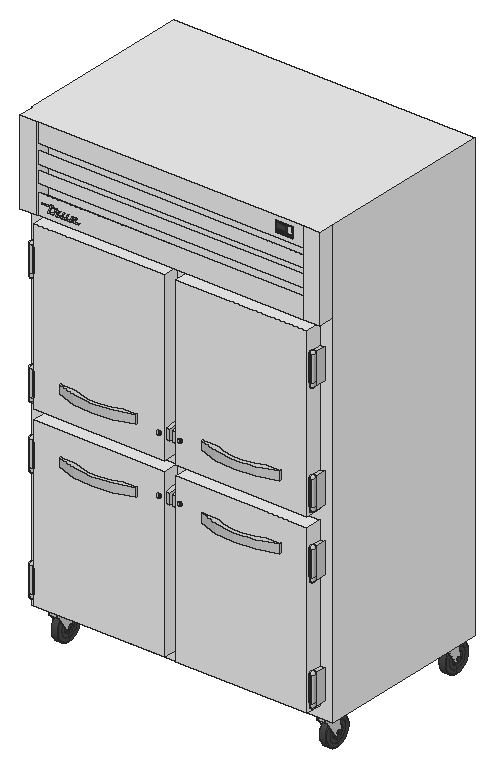
Revit family (continued)
Automatic sketch dimensions
  Extrusion 9 sketch curve to Extrusion 9 sketch curve = 0.06385"
  Extrusion 9 sketch curve to Extrusion 9 sketch curve = 0.02906"
  Extrusion 9 sketch curve to Extrusion 9 sketch curve = 0.02851"
  Extrusion 9 sketch curve to Extrusion 9 sketch curve = 0.29237"
  Extrusion 9 sketch curve to Extrusion 9 sketch curve = 0.00537"
  Extrusion 9 sketch curve to Extrusion 9 sketch curve = 0.0406"
  Extrusion 9 sketch curve to Extrusion 9 sketch curve = 0.04327"
  Extrusion 9 sketch curve to Extrusion 9 sketch curve = 0.02615"
  Extrusion 9 sketch curve to Extrusion 9 sketch curve = 0.11806"
  Extrusion 9 sketch curve to Extrusion 9 sketch curve = 0.15103"
  Extrusion 9 sketch curve to Extrusion 9 sketch curve = 0.10007"
  Extrusion 9 sketch curve to Extrusion 9 sketch curve = 0.5254"
  Extrusion 9 sketch curve to Extrusion 9 sketch curve = 0.14787"
  Extrusion 9 sketch curve to plane 6 "TOP" = 13.64562"
  Extrusion 9 sketch curve to Extrusion 9 sketch curve = 0.07275"
  Extrusion 9 sketch curve to Extrusion 9 sketch curve = 0.05776"
  Extrusion 9 sketch curve to Extrusion 9 sketch curve = 0.08631"
  Extrusion 9 sketch curve to Extrusion 9 sketch curve = 0.09282"
  Extrusion 9 sketch curve to Extrusion 9 sketch curve = 0.13018"
  Extrusion 9 sketch curve to Extrusion 9 sketch curve = 0.16714"
  Extrusion 9 sketch curve to Extrusion 9 sketch curve = 0.11061"
  Extrusion 9 sketch curve to Extrusion 9 sketch curve = 0.06046"
  Extrusion 9 sketch curve to Extrusion 9 sketch curve = 0.16548"
  Extrusion 9 sketch curve to Extrusion 9 sketch curve = 0.14279"
  Extrusion 9 sketch curve to Extrusion 9 sketch curve = 0.0496"
  Extrusion 9 sketch curve to Extrusion 9 sketch curve = 0.07293"
  Extrusion 9 sketch curve to Extrusion 9 sketch curve = 0.07764"
  Extrusion 9 sketch curve to Extrusion 9 sketch curve = 0.03794"
  Extrusion 9 sketch curve to Extrusion 9 sketch curve = 0.08552"
  Extrusion 9 sketch curve to Extrusion 9 sketch curve = 0.09296"
  Extrusion 9 sketch curve to Extrusion 9 sketch curve = 0.09314"
  Extrusion 9 sketch curve to Extrusion 9 sketch curve = 0.02781"
  Extrusion 9 sketch curve to Extrusion 9 sketch curve = 0.04981"
  Extrusion 9 sketch curve to Extrusion 9 sketch curve = 0.09315"
  Extrusion 9 sketch curve to Extrusion 9 sketch curve = 0.04799"
  Extrusion 9 sketch curve to Extrusion 9 sketch curve = 0.02531"
  Extrusion 9 sketch curve to Extrusion 9 sketch curve = 0.03054"
  Extrusion 9 sketch curve to Extrusion 9 sketch curve = 0.2589"
  Extrusion 9 sketch curve to Extrusion 9 sketch curve = 0.0674"
  Extrusion 9 sketch curve to Extrusion 9 sketch curve = 0.0324"
  Extrusion 9 sketch curve to Extrusion 9 sketch curve = 0.26185"
  Extrusion 9 sketch curve to Extrusion 9 sketch curve = 11/256"
  Extrusion 9 sketch curve to Extrusion 9 sketch curve = 0.07366"
  Extrusion 9 sketch curve to Extrusion 9 sketch curve = 0.02187"
  Extrusion 9 sketch curve to Extrusion 9 sketch curve = 0.06479"
  Extrusion 9 sketch curve to Extrusion 9 sketch curve = 0.01183"
  Extrusion 9 sketch curve to Extrusion 9 sketch curve = 0.05778"
  Extrusion 9 sketch curve to Extrusion 9 sketch curve = 0.53375"
  Extrusion 9 sketch curve to Extrusion 9 sketch curve = 0.23098"
  Extrusion 9 sketch curve to Extrusion 9 sketch curve = 0"
  Extrusion 9 sketch curve to Extrusion 9 sketch curve = 0.05045"
  Extrusion 9 sketch curve to Extrusion 9 sketch curve = 0.09139"
  Extrusion 9 sketch curve to Extrusion 9 sketch curve = 29/128"  (x3)
  Extrusion 10 sketch curve to plane 10 = 13/32"
  Extrusion 10 sketch curve to plane 6 "TOP" = 2 1/8"
  plane 5 "FRONT" to Extrusion 11 sketch curve = 0"  (x2)
  plane 9 to Extrusion 11 sketch curve = 4.2625"
  Extrusion 11 sketch curve to Extrusion 11 sketch curve = 2.4"  (x2)
  plane 8 to Extrusion 11 sketch curve = 12 13/32"
  Extrusion 11 sketch curve to Extrusion 11 sketch curve = 0"
  plane 5 "FRONT" to Extrusion 11 sketch curve = 0.2"
  Extrusion 11 sketch curve to plane 5 "FRONT" = 7.77899"
  Extrusion 11 sketch curve to Extrusion 11 sketch curve = 7.30945"
  plane 8 to Blend 12 sketch curve = 15/16"  (x2)
  plane 8 to Blend 12 sketch curve = 3/16"
  plane 7 to Blend 12 sketch curve = 35.99169"
  Blend 12 sketch curve to Blend 12 sketch curve = 1 3/4"
  plane 8 to Blend 12 sketch curve = 0.00527"
  plane 7 to Blend 12 sketch curve = 35.3941"
  Blend 12 sketch curve to Blend 12 sketch curve = 2.78233"
  Blend 13 sketch curve to plane 8 = 1 3/32"
  Blend 13 sketch curve to plane 8 = 11/32"
  plane 7 to Blend 13 sketch curve = 37.74169"
  Blend 13 sketch curve to Blend 13 sketch curve = 1 3/4"
  plane 8 to Blend 13 sketch curve = 1 3/32"
  plane 8 to Blend 13 sketch curve = 0.16152"
  Blend 13 sketch curve to plane 7 = 35.3941"
  Blend 13 sketch curve to Blend 13 sketch curve = 2.78233"
  Extrusion 14 sketch curve to plane 5 "FRONT" = 1/2"
  Extrusion 14 sketch curve to Extrusion 14 sketch curve = 0.43503"
  Extrusion 14 sketch curve to Extrusion 14 sketch curve = 0.20453"
  Extrusion 14 sketch curve to Extrusion 14 sketch curve = 1.61044"
  Extrusion 14 sketch curve to plane 6 "TOP" = 24.88873"
  Extrusion 14 sketch curve to Extrusion 14 sketch curve = 0.71221"
  Extrusion 14 sketch curve to Extrusion 14 sketch curve = 4.39928"
  Revolve 15 sketch curve to plane 5 "FRONT" = 0.07771"  (x2)
  Revolve 15 sketch curve to Revolve 15 sketch curve = 0.38242"
  Revolve 15 sketch curve to Revolve 15 sketch curve = 0.38436"
  Revolve 15 sketch curve to plane 5 "FRONT" = 31/64"
  Revolve 15 sketch curve to Revolve 15 sketch curve = 0.40666"
  Revolve 15 sketch curve to Revolve 15 sketch curve = 0"
  Revolve 15 sketch curve to plane 6 "TOP" = 25.07719"
  Revolve 15 sketch curve to Revolve 15 sketch curve = 0.32931"
  Revolve 15 sketch curve to Revolve 15 sketch curve = 0.51246"
  Revolve 15 sketch curve to Revolve 15 sketch curve = 0.05342"
  Revolve 15 sketch curve to Revolve 15 sketch curve = 4.42889"
  Revolve 15 sketch curve to Revolve 15 sketch curve = 0.04281"
  Revolve 15 sketch curve to Revolve 15 sketch curve = 0.18929"
  Revolve 15 sketch curve to Revolve 15 sketch curve = 0.55526"
  Extrusion 16 sketch curve to plane 9 = 0.96009"
  Extrusion 16 sketch curve to Extrusion 16 sketch curve = 0.39759"
  Extrusion 16 sketch curve to plane 6 "TOP" = 24.12421"
  Extrusion 16 sketch curve to Extrusion 16 sketch curve = 4.47281"
  Extrusion 17 sketch curve to plane 5 "FRONT" = 1/2"
  Extrusion 17 sketch curve to Extrusion 17 sketch curve = 0.43503"
  Extrusion 17 sketch curve to Extrusion 17 sketch curve = 0.20453"
  Extrusion 17 sketch curve to Extrusion 17 sketch curve = 1.61044"
  plane 7 to Extrusion 17 sketch curve = 33.61127"
  Extrusion 17 sketch curve to Extrusion 17 sketch curve = 0.71221"
  Extrusion 17 sketch curve to Extrusion 17 sketch curve = 4.39928"
  Revolve 18 sketch curve to plane 5 "FRONT" = 0.07771"  (x2)
  Revolve 18 sketch curve to Revolve 18 sketch curve = 0.38242"
  Revolve 18 sketch curve to Revolve 18 sketch curve = 0.38436"
  Revolve 18 sketch curve to plane 5 "FRONT" = 31/64"
  Revolve 18 sketch curve to Revolve 18 sketch curve = 0.40666"
  Revolve 18 sketch curve to Revolve 18 sketch curve = 0"
  plane 7 to Revolve 18 sketch curve = 33.42281"
  Revolve 18 sketch curve to Revolve 18 sketch curve = 0.32931"
  Revolve 18 sketch curve to Revolve 18 sketch curve = 0.51246"
  Revolve 18 sketch curve to Revolve 18 sketch curve = 0.05342"
  Revolve 18 sketch curve to Revolve 18 sketch curve = 4.42889"
  Revolve 18 sketch curve to Revolve 18 sketch curve = 0.04281"
  Revolve 18 sketch curve to Revolve 18 sketch curve = 0.18929"
  Revolve 18 sketch curve to Revolve 18 sketch curve = 0.55526"
  Extrusion 19 sketch curve to plane 9 = 0.96009"
  Extrusion 19 sketch curve to Extrusion 19 sketch curve = 0.39759"
  plane 7 to Extrusion 19 sketch curve = 34.37579"
  Extrusion 19 sketch curve to Extrusion 19 sketch curve = 4.47281"
  Extrusion 20 sketch curve to plane 5 "FRONT" = 1/2"
  Extrusion 20 sketch curve to Extrusion 20 sketch curve = 0.43503"
  Extrusion 20 sketch curve to Extrusion 20 sketch curve = 0.20453"
  Extrusion 20 sketch curve to Extrusion 20 sketch curve = 1.61044"
  plane 7 to Extrusion 20 sketch curve = 22.61127"
  Extrusion 20 sketch curve to Extrusion 20 sketch curve = 0.71221"
  Extrusion 20 sketch curve to Extrusion 20 sketch curve = 4.39928"
  Revolve 21 sketch curve to plane 5 "FRONT" = 0.07771"  (x2)
  Revolve 21 sketch curve to Revolve 21 sketch curve = 0.38242"
  Revolve 21 sketch curve to Revolve 21 sketch curve = 0.38436"
  Revolve 21 sketch curve to plane 5 "FRONT" = 31/64"
  Revolve 21 sketch curve to Revolve 21 sketch curve = 0.40666"
  Revolve 21 sketch curve to Revolve 21 sketch curve = 0"
  plane 7 to Revolve 21 sketch curve = 22.42281"
  Revolve 21 sketch curve to Revolve 21 sketch curve = 0.32931"
  Revolve 21 sketch curve to Revolve 21 sketch curve = 0.51246"
  Revolve 21 sketch curve to Revolve 21 sketch curve = 0.05342"
  Revolve 21 sketch curve to Revolve 21 sketch curve = 4.42889"
  Revolve 21 sketch curve to Revolve 21 sketch curve = 0.04281"
  Revolve 21 sketch curve to Revolve 21 sketch curve = 0.18929"
  Revolve 21 sketch curve to Revolve 21 sketch curve = 0.55526"
  Extrusion 22 sketch curve to plane 9 = 0.96009"
  Extrusion 22 sketch curve to Extrusion 22 sketch curve = 0.39759"
  plane 7 to Extrusion 22 sketch curve = 23.37579"
  Extrusion 22 sketch curve to Extrusion 22 sketch curve = 4.47281"
  Extrusion 23 sketch curve to plane 5 "FRONT" = 1/2"
  Extrusion 23 sketch curve to Extrusion 23 sketch curve = 0.43503"
  Extrusion 23 sketch curve to Extrusion 23 sketch curve = 0.20453"
  Extrusion 23 sketch curve to Extrusion 23 sketch curve = 1.61044"
  plane 7 to Extrusion 23 sketch curve = 2.86127"
  Extrusion 23 sketch curve to Extrusion 23 sketch curve = 0.71221"
  Extrusion 23 sketch curve to Extrusion 23 sketch curve = 4.39928"
  Revolve 24 sketch curve to plane 5 "FRONT" = 0.07771"  (x2)
  Revolve 24 sketch curve to Revolve 24 sketch curve = 0.38242"
  Revolve 24 sketch curve to Revolve 24 sketch curve = 0.38436"
  Revolve 24 sketch curve to plane 5 "FRONT" = 31/64"
  Revolve 24 sketch curve to Revolve 24 sketch curve = 0.40666"
  Revolve 24 sketch curve to Revolve 24 sketch curve = 0"
  plane 7 to Revolve 24 sketch curve = 2.67281"
  Revolve 24 sketch curve to Revolve 24 sketch curve = 0.32931"
  Revolve 24 sketch curve to Revolve 24 sketch curve = 0.51246"
  Revolve 24 sketch curve to Revolve 24 sketch curve = 0.05342"
  Revolve 24 sketch curve to Revolve 24 sketch curve = 4.42889"
  Revolve 24 sketch curve to Revolve 24 sketch curve = 0.04281"
  Revolve 24 sketch curve to Revolve 24 sketch curve = 0.18929"
  Revolve 24 sketch curve to Revolve 24 sketch curve = 0.55526"
  Extrusion 25 sketch curve to plane 9 = 0.96009"
  Extrusion 25 sketch curve to Extrusion 25 sketch curve = 0.39759"
  plane 7 to Extrusion 25 sketch curve = 3.62579"
  Extrusion 25 sketch curve to Extrusion 25 sketch curve = 4.47281"
  Extrusion 26 sketch curve to plane 5 "FRONT" = 1/2"
  Extrusion 26 sketch curve to Extrusion 26 sketch curve = 0.43503"
  Extrusion 26 sketch curve to Extrusion 26 sketch curve = 0.20453"
  Extrusion 26 sketch curve to Extrusion 26 sketch curve = 1.61044"
  Extrusion 26 sketch curve to plane 6 "TOP" = 19.57271"
  Extrusion 26 sketch curve to Extrusion 26 sketch curve = 4.39928"
  Extrusion 26 sketch curve to Extrusion 26 sketch curve = 0.71221"
  Revolve 27 sketch curve to plane 5 "FRONT" = 0.07771"  (x2)
  Revolve 27 sketch curve to Revolve 27 sketch curve = 0.38242"
  Revolve 27 sketch curve to Revolve 27 sketch curve = 0.38436"
  Revolve 27 sketch curve to plane 5 "FRONT" = 31/64"
  Revolve 27 sketch curve to Revolve 27 sketch curve = 0.40666"
  Revolve 27 sketch curve to Revolve 27 sketch curve = 0"
  Revolve 27 sketch curve to plane 6 "TOP" = 18.75492"
  Revolve 27 sketch curve to Revolve 27 sketch curve = 0.55526"
  Revolve 27 sketch curve to Revolve 27 sketch curve = 0.19474"
  Revolve 27 sketch curve to Revolve 27 sketch curve = 0.14649"
  Revolve 27 sketch curve to Revolve 27 sketch curve = 4.42889"
  Revolve 27 sketch curve to Revolve 27 sketch curve = 0.05342"
  Revolve 27 sketch curve to Revolve 27 sketch curve = 0.51246"
  Revolve 27 sketch curve to Revolve 27 sketch curve = 0.05889"
  plane 10 to Extrusion 28 sketch curve = 0.96009"
  Extrusion 28 sketch curve to Extrusion 28 sketch curve = 0.39759"
  Extrusion 28 sketch curve to plane 6 "TOP" = 19.6514"
  Extrusion 28 sketch curve to Extrusion 28 sketch curve = 4.47281"
  Extrusion 29 sketch curve to plane 5 "FRONT" = 1/2"
  Extrusion 29 sketch curve to Extrusion 29 sketch curve = 0.43503"
  Extrusion 29 sketch curve to Extrusion 29 sketch curve = 0.20453"
  Extrusion 29 sketch curve to Extrusion 29 sketch curve = 1.61044"
  plane 7 to Extrusion 29 sketch curve = 38.92729"
  Extrusion 29 sketch curve to Extrusion 29 sketch curve = 4.39928"
  Extrusion 29 sketch curve to Extrusion 29 sketch curve = 0.71221"
  Revolve 30 sketch curve to plane 5 "FRONT" = 0.07771"  (x2)
  Revolve 30 sketch curve to Revolve 30 sketch curve = 0.38242"
  Revolve 30 sketch curve to Revolve 30 sketch curve = 0.38436"
  Revolve 30 sketch curve to plane 5 "FRONT" = 31/64"
  Revolve 30 sketch curve to Revolve 30 sketch curve = 0.40666"
  Revolve 30 sketch curve to Revolve 30 sketch curve = 0"
  Revolve 30 sketch curve to plane 6 "TOP" = 38.25492"
  Revolve 30 sketch curve to Revolve 30 sketch curve = 0.55526"
  Revolve 30 sketch curve to Revolve 30 sketch curve = 0.19474"
  Revolve 30 sketch curve to Revolve 30 sketch curve = 0.14649"
  Revolve 30 sketch curve to Revolve 30 sketch curve = 4.42889"
  Revolve 30 sketch curve to Revolve 30 sketch curve = 0.05342"
  Revolve 30 sketch curve to Revolve 30 sketch curve = 0.51246"
  Revolve 30 sketch curve to Revolve 30 sketch curve = 0.05889"
  plane 10 to Extrusion 31 sketch curve = 0.96009"
  Extrusion 31 sketch curve to Extrusion 31 sketch curve = 0.39759"
  plane 7 to Extrusion 31 sketch curve = 38.8486"
  Extrusion 31 sketch curve to Extrusion 31 sketch curve = 4.47281"
  Extrusion 32 sketch curve to plane 5 "FRONT" = 1/2"
  Extrusion 32 sketch curve to Extrusion 32 sketch curve = 0.43503"
  Extrusion 32 sketch curve to Extrusion 32 sketch curve = 0.20453"
  Extrusion 32 sketch curve to Extrusion 32 sketch curve = 1.61044"
  plane 7 to Extrusion 32 sketch curve = 27.92729"
  Extrusion 32 sketch curve to Extrusion 32 sketch curve = 4.39928"
  Extrusion 32 sketch curve to Extrusion 32 sketch curve = 0.71221"
  Revolve 33 sketch curve to plane 5 "FRONT" = 0.07771"  (x2)
  Revolve 33 sketch curve to Revolve 33 sketch curve = 0.38242"
  Revolve 33 sketch curve to Revolve 33 sketch curve = 0.38436"
  Revolve 33 sketch curve to plane 5 "FRONT" = 31/64"
  Revolve 33 sketch curve to Revolve 33 sketch curve = 0.40666"
  Revolve 33 sketch curve to Revolve 33 sketch curve = 0"
  plane 7 to Revolve 33 sketch curve = 28.74508"
  Revolve 33 sketch curve to Revolve 33 sketch curve = 0.55526"
  Revolve 33 sketch curve to Revolve 33 sketch curve = 0.19474"
  Revolve 33 sketch curve to Revolve 33 sketch curve = 0.14649"
  Revolve 33 sketch curve to Revolve 33 sketch curve = 4.42889"
  Revolve 33 sketch curve to Revolve 33 sketch curve = 0.05342"
  Revolve 33 sketch curve to Revolve 33 sketch curve = 0.51246"
  Revolve 33 sketch curve to Revolve 33 sketch curve = 0.05889"
  plane 10 to Extrusion 34 sketch curve = 0.96009"
  Extrusion 34 sketch curve to Extrusion 34 sketch curve = 0.39759"
  plane 7 to Extrusion 34 sketch curve = 27.8486"
  Extrusion 34 sketch curve to Extrusion 34 sketch curve = 4.47281"
  Extrusion 35 sketch curve to plane 5 "FRONT" = 1/2"
  Extrusion 35 sketch curve to Extrusion 35 sketch curve = 0.43503"
  Extrusion 35 sketch curve to Extrusion 35 sketch curve = 0.20453"
  Extrusion 35 sketch curve to Extrusion 35 sketch curve = 1.61044"
  plane 7 to Extrusion 35 sketch curve = 8.17729"
  plane 7 to Extrusion 35 sketch curve = 3.57348"
  Extrusion 35 sketch curve to Extrusion 35 sketch curve = 0.71221"
  Revolve 36 sketch curve to plane 5 "FRONT" = 0.07771"  (x2)
  Revolve 36 sketch curve to Revolve 36 sketch curve = 0.38242"
  Revolve 36 sketch curve to Revolve 36 sketch curve = 0.38436"
  Revolve 36 sketch curve to plane 5 "FRONT" = 31/64"
  Revolve 36 sketch curve to Revolve 36 sketch curve = 0.40666"
  Revolve 36 sketch curve to Revolve 36 sketch curve = 0"
  plane 7 to Revolve 36 sketch curve = 8.99508"
  Revolve 36 sketch curve to Revolve 36 sketch curve = 0.55526"
  Revolve 36 sketch curve to Revolve 36 sketch curve = 0.19474"
  Revolve 36 sketch curve to Revolve 36 sketch curve = 0.14649"
  plane 7 to Revolve 36 sketch curve = 3.62689"
  Revolve 36 sketch curve to Revolve 36 sketch curve = 0.05342"
  Revolve 36 sketch curve to Revolve 36 sketch curve = 0.51246"
  Revolve 36 sketch curve to Revolve 36 sketch curve = 0.05889"
  plane 10 to Extrusion 37 sketch curve = 0.96009"
  Extrusion 37 sketch curve to Extrusion 37 sketch curve = 0.39759"
  plane 7 to Extrusion 37 sketch curve = 8.0986"
  plane 7 to Extrusion 37 sketch curve = 3.62579"
  Revolve 38 sketch curve to plane 10 = 1.50773"
  Revolve 38 sketch curve to Revolve 38 sketch curve = 0.48273"
  Revolve 38 sketch curve to plane 10 = 5/8"  (x2)
  Revolve 38 sketch curve to Revolve 38 sketch curve = 0.1"  (x2)
  Revolve 38 sketch curve to Revolve 38 sketch curve = 0.16101"
  plane 10 to Revolve 38 sketch curve = 0.12908"
  plane 10 to Revolve 38 sketch curve = 0.46399"
  plane 10 to Revolve 38 sketch curve = 0.525"
  Revolve 38 sketch curve to Revolve 38 sketch curve = 1/2"
  Revolve 38 sketch curve to Revolve 38 sketch curve = 0.16509"
  Revolve 38 sketch curve to Revolve 38 sketch curve = 0.39592"
  level to Revolve 38 sketch curve = 2 1/2"
  Revolve 38 sketch curve to Revolve 38 sketch curve = 0"
  Revolve 38 sketch curve to Revolve 38 sketch curve = 0.29941"  (x2)
  Revolve 38 sketch curve to Revolve 38 sketch curve = 3/4"  (x4)
  Revolve 38 sketch curve to Revolve 38 sketch curve = 0.59652"
  Revolve 38 sketch curve to Revolve 38 sketch curve = 0.60059"
  Extrusion 39 sketch curve to plane 7 = 0.63926"  (x2)
  Extrusion 39 sketch curve to plane 5 "FRONT" = 3.79864"
  Extrusion 39 sketch curve to Extrusion 39 sketch curve = 1/4"  (x2)
  level to Extrusion 39 sketch curve = 2.18736"  (x2)
  Extrusion 39 sketch curve to Extrusion 39 sketch curve = 1.7492"
  Extrusion 39 sketch curve to Extrusion 39 sketch curve = 0.50669"  (x2)
  Extrusion 39 sketch curve to Extrusion 39 sketch curve = 2 1/2"
  level to Extrusion 39 sketch curve = 2.59003"
  Extrusion 39 sketch curve to Extrusion 39 sketch curve = 0.59966"  (x2)
  plane 1 "BACK" to Extrusion 39 sketch curve = 3.8577"
  plane 1 "BACK" to Extrusion 39 sketch curve = 1.8585"
  plane 1 "BACK" to Extrusion 39 sketch curve = 1.1077"
  Extrusion 39 sketch curve to Extrusion 39 sketch curve = 0.32905"
  Extrusion 39 sketch curve to Extrusion 39 sketch curve = 0.60485"  (x2)
  Extrusion 40 sketch curve to plane 7 = 0.63926"  (x2)
  Extrusion 40 sketch curve to plane 5 "FRONT" = 3.79864"
  Extrusion 40 sketch curve to Extrusion 40 sketch curve = 1/4"  (x2)
  level to Extrusion 40 sketch curve = 2.18736"  (x2)
  Extrusion 40 sketch curve to Extrusion 40 sketch curve = 1.7492"
  Extrusion 40 sketch curve to Extrusion 40 sketch curve = 0.50669"  (x2)
  Extrusion 40 sketch curve to Extrusion 40 sketch curve = 2 1/2"
  level to Extrusion 40 sketch curve = 2.59003"
  Extrusion 40 sketch curve to Extrusion 40 sketch curve = 0.59966"  (x2)
  plane 1 "BACK" to Extrusion 40 sketch curve = 3.8577"
  plane 1 "BACK" to Extrusion 40 sketch curve = 1.8585"
  plane 1 "BACK" to Extrusion 40 sketch curve = 1.1077"
  Extrusion 40 sketch curve to Extrusion 40 sketch curve = 0.32905"
  Extrusion 40 sketch curve to Extrusion 40 sketch curve = 0.60485"  (x2)
  Revolve 41 sketch curve to plane 10 = 0"  (x2)
  Revolve 41 sketch curve to plane 7 = 0.62954"
  Revolve 41 sketch curve to plane 10 = 1.29707"
  Revolve 41 sketch curve to Revolve 41 sketch curve = 0.10278"
  Revolve 41 sketch curve to plane 7 = 0.00141"
  plane 7 to Revolve 41 sketch curve = 0.26768"
  Revolve 42 sketch curve to level = 0"
  Revolve 42 sketch curve to plane 10 = 0"  (x2)
  Revolve 42 sketch curve to plane 10 = 1/2"
  Revolve 42 sketch curve to Revolve 42 sketch curve = 1/4"
  Revolve 42 sketch curve to plane 7 = 0"
  Revolve 42 sketch curve to Revolve 42 sketch curve = 1.33338"
  level to Revolve 42 sketch curve = 1"
  Revolve 42 sketch curve to Revolve 42 sketch curve = 5/8"
  plane 7 to Revolve 42 sketch curve = 1 25/32"
  Revolve 43 sketch curve to level = 0"
  Revolve 43 sketch curve to plane 10 = 0"  (x2)
  Revolve 43 sketch curve to plane 10 = 1/2"
  Revolve 43 sketch curve to Revolve 43 sketch curve = 1/4"
  Revolve 43 sketch curve to plane 7 = 0"
  Revolve 43 sketch curve to Revolve 43 sketch curve = 1.33338"
  level to Revolve 43 sketch curve = 1"
  Revolve 43 sketch curve to Revolve 43 sketch curve = 5/8"
  plane 7 to Revolve 43 sketch curve = 1 25/32"
  Revolve 44 sketch curve to plane 10 = 0"  (x2)
  Revolve 44 sketch curve to plane 7 = 0.62954"
  Revolve 44 sketch curve to plane 10 = 1.29707"
  Revolve 44 sketch curve to Revolve 44 sketch curve = 0.10278"
  Revolve 44 sketch curve to plane 7 = 0.00141"
  plane 7 to Revolve 44 sketch curve = 0.26768"
  Extrusion 45 sketch curve to plane 7 = 0.63926"  (x2)
  Extrusion 45 sketch curve to plane 5 "FRONT" = 3.79864"
  Extrusion 45 sketch curve to Extrusion 45 sketch curve = 1/4"  (x2)
  Extrusion 45 sketch curve to Extrusion 45 sketch curve = 2 1/2"
  Extrusion 45 sketch curve to plane 7 = 0.93273"  (x2)
  Extrusion 45 sketch curve to Extrusion 45 sketch curve = 0.03603"
  plane 1 "BACK" to Extrusion 45 sketch curve = 3.8577"
  Extrusion 45 sketch curve to plane 7 = 1.24411"
  plane 1 "BACK" to Extrusion 45 sketch curve = 1.1077"
  Revolve 46 sketch curve to plane 10 = 1.50773"
  Revolve 46 sketch curve to Revolve 46 sketch curve = 0.48273"
  Revolve 46 sketch curve to plane 10 = 5/8"  (x2)
  Revolve 46 sketch curve to Revolve 46 sketch curve = 0.1"  (x2)
  Revolve 46 sketch curve to Revolve 46 sketch curve = 0.16101"
  plane 10 to Revolve 46 sketch curve = 0.12908"
  plane 10 to Revolve 46 sketch curve = 0.46399"
  plane 10 to Revolve 46 sketch curve = 0.525"
  Revolve 46 sketch curve to Revolve 46 sketch curve = 1/2"
  Revolve 46 sketch curve to Revolve 46 sketch curve = 0.16509"
  Revolve 46 sketch curve to Revolve 46 sketch curve = 0.39592"
  level to Revolve 46 sketch curve = 2 1/2"
  Revolve 46 sketch curve to Revolve 46 sketch curve = 0"
  Revolve 46 sketch curve to Revolve 46 sketch curve = 0.29941"  (x2)
  Revolve 46 sketch curve to Revolve 46 sketch curve = 3/4"  (x4)
  Revolve 46 sketch curve to Revolve 46 sketch curve = 0.59652"
  Revolve 46 sketch curve to Revolve 46 sketch curve = 0.60059"
  plane 3 "LEFT" to Revolve 47 sketch curve = 1.33602"
  Revolve 47 sketch curve to Revolve 47 sketch curve = 0.48273"
  Revolve 47 sketch curve to plane 9 = 5/8"  (x2)
  Revolve 47 sketch curve to Revolve 47 sketch curve = 0.1"  (x2)
  Revolve 47 sketch curve to Revolve 47 sketch curve = 0.16101"
  plane 9 to Revolve 47 sketch curve = 0.12908"
  plane 9 to Revolve 47 sketch curve = 0.46399"
  plane 9 to Revolve 47 sketch curve = 0.525"
  Revolve 47 sketch curve to Revolve 47 sketch curve = 1/2"
  Revolve 47 sketch curve to Revolve 47 sketch curve = 0.16509"
  Revolve 47 sketch curve to Revolve 47 sketch curve = 0.39592"
  level to Revolve 47 sketch curve = 2 1/2"
  Revolve 47 sketch curve to Revolve 47 sketch curve = 0"
  Revolve 47 sketch curve to Revolve 47 sketch curve = 0.29941"  (x2)
  Revolve 47 sketch curve to Revolve 47 sketch curve = 3/4"  (x4)
  Revolve 47 sketch curve to Revolve 47 sketch curve = 0.59652"
  Revolve 47 sketch curve to Revolve 47 sketch curve = 0.60059"
  Extrusion 48 sketch curve to plane 7 = 0.63926"  (x2)
  Extrusion 48 sketch curve to plane 5 "FRONT" = 3.79864"
  Extrusion 48 sketch curve to Extrusion 48 sketch curve = 1/4"  (x2)
  level to Extrusion 48 sketch curve = 2.18736"  (x2)
  Extrusion 48 sketch curve to Extrusion 48 sketch curve = 1.7492"
  Extrusion 48 sketch curve to Extrusion 48 sketch curve = 0.50669"  (x2)
  Extrusion 48 sketch curve to Extrusion 48 sketch curve = 2 1/2"
  level to Extrusion 48 sketch curve = 2.59003"
  Extrusion 48 sketch curve to Extrusion 48 sketch curve = 0.59966"  (x2)
  plane 1 "BACK" to Extrusion 48 sketch curve = 3.8577"
  plane 1 "BACK" to Extrusion 48 sketch curve = 1.8585"
  plane 1 "BACK" to Extrusion 48 sketch curve = 1.1077"
  Extrusion 48 sketch curve to Extrusion 48 sketch curve = 0.32905"
  Extrusion 48 sketch curve to Extrusion 48 sketch curve = 0.60485"  (x2)
  Extrusion 49 sketch curve to plane 7 = 0.63926"  (x2)
  Extrusion 49 sketch curve to plane 5 "FRONT" = 3.79864"
  Extrusion 49 sketch curve to Extrusion 49 sketch curve = 1/4"  (x2)
  level to Extrusion 49 sketch curve = 2.18736"  (x2)
  Extrusion 49 sketch curve to Extrusion 49 sketch curve = 1.7492"
  Extrusion 49 sketch curve to Extrusion 49 sketch curve = 0.50669"  (x2)
  Extrusion 49 sketch curve to Extrusion 49 sketch curve = 2 1/2"
  level to Extrusion 49 sketch curve = 2.59003"
  Extrusion 49 sketch curve to Extrusion 49 sketch curve = 0.59966"  (x2)
  plane 1 "BACK" to Extrusion 49 sketch curve = 3.8577"
  plane 1 "BACK" to Extrusion 49 sketch curve = 1.8585"
  plane 1 "BACK" to Extrusion 49 sketch curve = 1.1077"
  Extrusion 49 sketch curve to Extrusion 49 sketch curve = 0.32905"
  Extrusion 49 sketch curve to Extrusion 49 sketch curve = 0.60485"  (x2)
  Revolve 50 sketch curve to plane 9 = 0"  (x2)
  Revolve 50 sketch curve to plane 7 = 0.62954"
  Revolve 50 sketch curve to plane 9 = 1.29707"
  Revolve 50 sketch curve to Revolve 50 sketch curve = 0.10278"
  Revolve 50 sketch curve to plane 7 = 0.00141"
  plane 7 to Revolve 50 sketch curve = 0.26768"
  Revolve 51 sketch curve to level = 0"
  Revolve 51 sketch curve to plane 9 = 0"  (x2)
  Revolve 51 sketch curve to plane 9 = 1/2"
  Revolve 51 sketch curve to Revolve 51 sketch curve = 1/4"
  Revolve 51 sketch curve to plane 7 = 0"
  Revolve 51 sketch curve to plane 9 = 1.33338"
  level to Revolve 51 sketch curve = 1"
  Revolve 51 sketch curve to Revolve 51 sketch curve = 5/8"
  plane 7 to Revolve 51 sketch curve = 1 25/32"
  Revolve 52 sketch curve to level = 0"
  Revolve 52 sketch curve to plane 9 = 0"  (x2)
  Revolve 52 sketch curve to plane 9 = 1/2"
  Revolve 52 sketch curve to Revolve 52 sketch curve = 1/4"
  Revolve 52 sketch curve to plane 7 = 0"
  Revolve 52 sketch curve to plane 9 = 1.33338"
  level to Revolve 52 sketch curve = 1"
  Revolve 52 sketch curve to Revolve 52 sketch curve = 5/8"
  plane 7 to Revolve 52 sketch curve = 1 25/32"
  Revolve 53 sketch curve to plane 9 = 0"  (x2)
  Revolve 53 sketch curve to plane 7 = 0.62954"
  Revolve 53 sketch curve to plane 9 = 1.29707"
  Revolve 53 sketch curve to Revolve 53 sketch curve = 0.10278"
  Revolve 53 sketch curve to plane 7 = 0.00141"
  plane 7 to Revolve 53 sketch curve = 0.26768"
  Extrusion 54 sketch curve to plane 7 = 0.63926"  (x2)
  Extrusion 54 sketch curve to plane 5 "FRONT" = 3.79864"
  Extrusion 54 sketch curve to Extrusion 54 sketch curve = 1/4"  (x2)
  Extrusion 54 sketch curve to Extrusion 54 sketch curve = 2 1/2"
  Extrusion 54 sketch curve to plane 7 = 0.93273"  (x2)
  Extrusion 54 sketch curve to Extrusion 54 sketch curve = 0.03603"
  plane 1 "BACK" to Extrusion 54 sketch curve = 3.8577"
  Extrusion 54 sketch curve to plane 7 = 1.24411"
  plane 1 "BACK" to Extrusion 54 sketch curve = 1.1077"
  plane 3 "LEFT" to Revolve 55 sketch curve = 1.33602"
  Revolve 55 sketch curve to Revolve 55 sketch curve = 0.48273"
  Revolve 55 sketch curve to plane 9 = 5/8"  (x2)
  Revolve 55 sketch curve to Revolve 55 sketch curve = 0.1"  (x2)
  Revolve 55 sketch curve to Revolve 55 sketch curve = 0.16101"
  plane 9 to Revolve 55 sketch curve = 0.12908"
  plane 9 to Revolve 55 sketch curve = 0.46399"
  plane 9 to Revolve 55 sketch curve = 0.525"
  Revolve 55 sketch curve to Revolve 55 sketch curve = 1/2"
  Revolve 55 sketch curve to Revolve 55 sketch curve = 0.16509"
  Revolve 55 sketch curve to Revolve 55 sketch curve = 0.39592"
  level to Revolve 55 sketch curve = 2 1/2"
  Revolve 55 sketch curve to Revolve 55 sketch curve = 0"
  Revolve 55 sketch curve to Revolve 55 sketch curve = 0.29941"  (x2)
  Revolve 55 sketch curve to Revolve 55 sketch curve = 3/4"  (x4)
  Revolve 55 sketch curve to Revolve 55 sketch curve = 0.59652"
  Revolve 55 sketch curve to Revolve 55 sketch curve = 0.60059"
  Extrusion 56 sketch curve to plane 6 "TOP" = 2.55982"
  Extrusion 56 sketch curve to plane 10 = 5.12093"
  Extrusion 56 sketch curve to plane 10 = 2.21468"
  Extrusion 56 sketch curve to plane 6 "TOP" = 13/16"
  Extrusion 57 sketch curve to plane 6 "TOP" = 3/4"
  Extrusion 57 sketch curve to plane 10 = 5.18343"
  Extrusion 57 sketch curve to Extrusion 57 sketch curve = 1/16"  (x4)
  Extrusion 57 sketch curve to Extrusion 57 sketch curve = 0.1375"  (x2)
  Extrusion 57 sketch curve to Extrusion 57 sketch curve = 1/4"  (x4)
  Extrusion 57 sketch curve to Extrusion 57 sketch curve = 0.44601"
  Extrusion 57 sketch curve to Extrusion 57 sketch curve = 1/2"  (x2)
  Extrusion 57 sketch curve to Extrusion 57 sketch curve = 0.0035"
  Extrusion 57 sketch curve to Extrusion 57 sketch curve = 1.06923"
  Extrusion 57 sketch curve to plane 6 "TOP" = 0.95"
  Extrusion 57 sketch curve to Extrusion 57 sketch curve = 1"
  Extrusion 57 sketch curve to Extrusion 57 sketch curve = 0.34106"  (x3)
  Extrusion 57 sketch curve to Extrusion 57 sketch curve = 0"
  Extrusion 57 sketch curve to Extrusion 57 sketch curve = 0.26876"
  Extrusion 59 sketch curve to plane 9 = 0"
  Extrusion 59 sketch curve to plane 5 "FRONT" = 5.09023"
  Extrusion 60 sketch curve to plane 9 = 0"
  plane 1 "BACK" to Extrusion 60 sketch curve = 2.69102"
  Extrusion 61 sketch curve to plane 10 = 0"
  plane 1 "BACK" to Extrusion 61 sketch curve = 2.69102"
  Extrusion 62 sketch curve to plane 10 = 0"
  Extrusion 62 sketch curve to plane 5 "FRONT" = 5.09023"
  plane 5 "FRONT" to Extrusion 63 sketch curve = 0"  (x2)
  plane 10 to Extrusion 63 sketch curve = 13/32"
  Extrusion 63 sketch curve to plane 8 = 1 3/32"
  plane 8 to Extrusion 63 sketch curve = 15/16"
  Extrusion 63 sketch curve to plane 9 = 9/16"
  plane 8 to Extrusion 64 sketch curve = 1 233/256"
  Extrusion 64 sketch curve to Extrusion 64 sketch curve = 9/256"
  Extrusion 64 sketch curve to Extrusion 64 sketch curve = 0.0555"  (x2)
  Extrusion 64 sketch curve to plane 8 = 1.72965"
  Extrusion 64 sketch curve to Extrusion 64 sketch curve = 0.02035"
  plane 7 to Extrusion 64 sketch curve = 26.66365"
  Extrusion 64 sketch curve to Extrusion 64 sketch curve = 0"
  Extrusion 64 sketch curve to Extrusion 64 sketch curve = 0.27385"  (x2)
  Extrusion 64 sketch curve to Extrusion 64 sketch curve = 0.29355"  (x2)
  plane 8 to Blend 65 sketch curve = 15/16"
  plane 8 to Blend 65 sketch curve = 3/16"
  plane 7 to Blend 65 sketch curve = 26.00831"
  Blend 65 sketch curve to Blend 65 sketch curve = 1 3/4"
  Blend 65 sketch curve to plane 8 = 15/16"
  Blend 65 sketch curve to plane 8 = 0.00527"
  Blend 65 sketch curve to plane 7 = 28.3559"
  Blend 65 sketch curve to Blend 65 sketch curve = 2.78233"
  Blend 66 sketch curve to plane 8 = 1 3/32"  (x2)
  Blend 66 sketch curve to plane 8 = 11/32"
  plane 7 to Blend 66 sketch curve = 27.75831"
  Blend 66 sketch curve to Blend 66 sketch curve = 1 3/4"
  Blend 66 sketch curve to plane 8 = 0.16152"
  plane 7 to Blend 66 sketch curve = 28.3559"
  Blend 66 sketch curve to Blend 66 sketch curve = 2.78233"
  plane 5 "FRONT" to Extrusion 67 sketch curve = 0"  (x2)
  Extrusion 67 sketch curve to plane 8 = 5.7625"
  Extrusion 67 sketch curve to Extrusion 67 sketch curve = 2.4"  (x2)
  Extrusion 67 sketch curve to Extrusion 67 sketch curve = 4.4"
  Extrusion 67 sketch curve to Extrusion 67 sketch curve = 0"
  Extrusion 67 sketch curve to Extrusion 67 sketch curve = 0.2"
  Extrusion 67 sketch curve to plane 5 "FRONT" = 7.77899"
  Extrusion 67 sketch curve to Extrusion 67 sketch curve = 7.30945"
  plane 5 "FRONT" to Extrusion 68 sketch curve = 0"  (x2)
  plane 9 to Extrusion 68 sketch curve = 4.2625"
  Extrusion 68 sketch curve to Extrusion 68 sketch curve = 2.4"  (x2)
  plane 8 to Extrusion 68 sketch curve = 12 13/32"
  Extrusion 68 sketch curve to Extrusion 68 sketch curve = 0"
  plane 5 "FRONT" to Extrusion 68 sketch curve = 0.2"
  Extrusion 68 sketch curve to plane 5 "FRONT" = 7.77899"
  Extrusion 68 sketch curve to Extrusion 68 sketch curve = 7.30945"
  plane 5 "FRONT" to Extrusion 58 sketch curve = 0"  (x2)
  plane 10 to Extrusion 58 sketch curve = 13/32"
  Extrusion 58 sketch curve to plane 12 = 15/16"
  plane 8 to Extrusion 58 sketch curve = 15/16"
  Extrusion 58 sketch curve to plane 9 = 9/16"
  radius of Extrusion 8 sketch curve = 0.35"  (x2)
  radius of Extrusion 10 sketch curve = 1/4"
  radius of Extrusion 59 sketch curve = 1 1/2"
  radius of Extrusion 60 sketch curve = 1 1/2"
  radius of Extrusion 61 sketch curve = 1 1/2"
  radius of Extrusion 62 sketch curve = 1 1/2"
  radius of Extrusion 64 sketch curve = 0.35"  (x2)
Connectors (in)
  electrical at (49.53125, -0.0625, 82), driven by "Volts", driven by "Watts"
    settings: on Extrusion 10, index 1, voltage 115 V, apparent load 1334 VA, apparent load phase1 0 VA, apparent load phase2 0 VA, apparent load phase3 0 VA, power factor 1, load classification "Other", number of poles 1, system type 30, power factor state 1, is connector primary yes, connector utility no, sub classification motor no, connector description "Electrical Connection"
